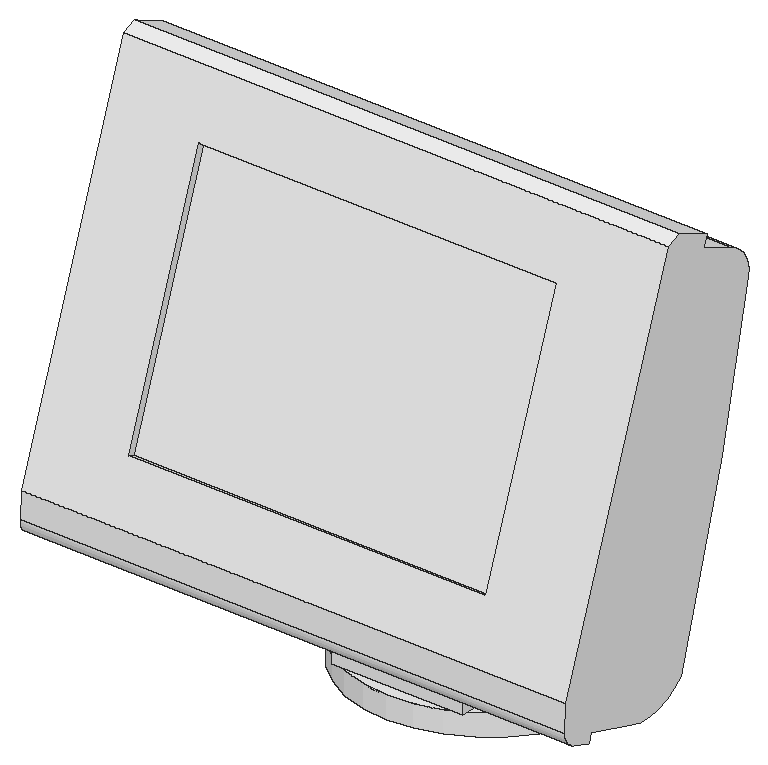
Revit family "Lighting-Flood-Acclaim-Dyna Flood QA QW", category Lighting Fixtures, host Face, Revit 2014
Parameters
  Wattage = 9.2903 W
  built-in parameter 1150110 = 1 (stored number, unit not read)
  Voltage = 0 V
  URL = "http://www.acclaimlighting.com/"
  built-in parameter 1114217 = 1 (stored number, unit not read)
  Tilt Angle = -90.00°
  built-in parameter 1150109 = 1 (stored number, unit not read)
  built-in parameter 1150134 = 3
  built-in parameter 1150113 = 1 (stored number, unit not read)
  Power Factor = 1
  Photometric Web File = "generic"
  Number of Poles = 1
  built-in parameter 1150142 = (empty or 0)
  Model = "Dyna Flood QA QW"
  Manufacturer = "Acclaim Lighting"
  built-in parameter 1150105 = 109.82 (stored number, unit not read)
  Lumens = 1380 lm
  built-in parameter 1150115 = 1 (stored number, unit not read)
  built-in parameter 1150137 = (empty or 0)
  built-in parameter 1150139 = (empty or 0)
  built-in parameter 1150112 = 1 (stored number, unit not read)
  built-in parameter 1150114 = 1 (stored number, unit not read)
  Lamp = "LED"
  built-in parameter 1150132 = (empty or 0)
  built-in parameter 1150102 = (empty or 0)
  built-in parameter 1150107 = 3200 (stored number, unit not read)
  built-in parameter 1150138 = (empty or 0)
  built-in parameter 1150106 = 1.0982 (stored number, unit not read)
  Housing Finish = Aluminum
  Emit from Rectangle Width = 0' - 6"
  Emit from Rectangle Length = 0' - 4 1/2"
  Emit Shape Visible in Rendering = no
  built-in parameter 1150104 = 13.8 (stored number, unit not read)
  Dimming Lamp Color Temperature Shift = <None>
  Description = "Flood Light"
  Default Elevation = 4' - 0"
  Color Filter = 16777215
  built-in parameter 1114218 = 1 (stored number, unit not read)
  built-in parameter 1150133 = 10 (stored number, unit not read)
  Apparent Load = 0 VA
Reference planes (in)
  plane 1 "Center (Front/Back)": y = 0
  plane 2: z = 0
  plane 3 "Center (Left/Right)": x = 0
  plane 4: x = -19.69922
  plane 5: x = 19.69922
  plane 6: x = 0
  plane 7: z = 6.45
  plane 8: z = 9
Forms (in)
  Extrusion 1, solid, material "Aluminum" <- "Housing Finish"
    sketch origin (0, -0.80665, -0.30687) x (0, 0.939693, -0.34202) y (0, 0.34202, 0.939693)
      loop
        line (-0.74685, 5.63101) -> (-1.06542, 8.1186)
        arc (-1.06542, 8.1186) -> (-1.22994, 8.51578) -> (-1.62712, 8.68031) r 0.56171
        line (-1.62712, 8.68031) -> (-2.27598, 8.72568) -> (-2.27598, 8.91614) -> (-2.94182, 8.9627) -> (-3.116, 8.78852) -> (-3.116, 2.215) -> (-2.98217, 1.77728)
        arc (-2.98217, 1.77728) -> (-2.88309, 1.6409) -> (-2.72105, 1.59444) r 0.25889
        line (-2.72105, 1.59444) -> (-2.37287, 1.59444) -> (-2.37287, 1.75326) -> (-1.43993, 1.80215)
        arc (-1.43993, 1.80215) -> (-0.89457, 1.99147) -> (-0.53466, 2.44284) r 1.03809
        line (-0.53466, 2.44284) -> (-0.74685, 5.63101)
    from -4.72527 to 4.80259
  Extrusion 2, solid, material "Aluminum" <- "Housing Finish"
    sketch origin (0, 0.03125, -0.625) x (0, 1, 0) y (0, 0, 1)
      loop
        circle (0, 2.81585) r 0.88979
    from -0.52258 to 0.48812
  Extrusion 3, solid, material "Aluminum" <- "Housing Finish"
    sketch origin (0, 0, 0.17188) x (0, 1, 0) y (0, 0, 1)
      loop
        line (0.35125, 2.15318) -> (0.04092, 2.06696) -> (-0.68417, 0.58029) -> (-0.68417, 0.21154) -> (2.15623, 0.21154) -> (2.15623, 0.58029) -> (-0.4159, 0.58029) -> (0.35125, 2.15318)
    from -1.13264 to 1.15281
  Extrusion 4, void
    sketch origin (0, -0.80665, -0.30687) x (1, 0, 0) y (0, 0.34202, 0.939693)
      loop
        line (-3.12618, 7.7285) -> (-3.12618, 3.2285) -> (3.12382, 3.2285) -> (3.12382, 7.7285) -> (-3.12618, 7.7285)
    from 3.00553 to 3.116
  Extrusion 5, solid, material "Aluminum" <- "Housing Finish"
    sketch origin (0, 0, 0) x (1, 0, 0) y (0, 1, 0)
      loop
        circle (0, 1.34865) r 2.25
    from 0 to 0.38342
  Extrusion 6, solid, material "Aluminum" <- "Housing Finish"
    sketch origin (0, 0, 0) x (0, 1, 0) y (0, 0, 1)
      loop
        line (0.88994, 7.33614) -> (-0.14836, 3.29144) -> (1.45564, 3.29144)
        arc (1.45564, 3.29144) -> (1.86388, 3.33435) -> (2.10516, 3.66644) r 0.50461
        line (2.10516, 3.66644) -> (2.65159, 6.23717)
        arc (2.65159, 6.23717) -> (2.53335, 6.61217) -> (2.2214, 6.85153) r 0.65379
        line (2.2214, 6.85153) -> (0.88994, 7.33614)
    from -1.94844 to 1.83219
Cuts and joins
  Extrusion 4 cuts Extrusion 1
  Extrusion 4 cuts Extrusion 2
Dimensions and locks (in)
  equal spacing: plane 4, plane 3 "Center (Left/Right)", plane 5
  plane 4 to plane 5 = 3' - 3 51/128"
  equal spacing: plane 5, plane 3 "Center (Left/Right)", plane 4
  plane 5 to plane 4 = 3' - 3 51/128"
  aligned and locked: plane 2 to host face
  aligned and locked: level to host face
  aligned and locked: Extrusion 1 to Extrusion 4
  aligned and locked: Extrusion 5 to Extrusion 3
Automatic sketch dimensions
  host sketch curve to host sketch curve = 8' - 0"  (x2)
  plane 1 "Center (Front/Back)" to Extrusion 3 sketch curve = 0' - 0.68417"
  Extrusion 3 sketch curve to Extrusion 3 sketch curve = 0' - 0.26828"
  Extrusion 3 sketch curve to plane 1 "Center (Front/Back)" = 0' - 0.04092"
  Extrusion 3 sketch curve to Extrusion 3 sketch curve = 0' - 0.31033"
  level to Extrusion 3 sketch curve = 0' - 0.75217"
  Extrusion 3 sketch curve to plane 1 "Center (Front/Back)" = 0' - 2 5/32"
  level to Extrusion 3 sketch curve = 0' - 0.38342"
  Extrusion 3 sketch curve to Extrusion 3 sketch curve = 0' - 0"
  Extrusion 3 sketch curve to Extrusion 3 sketch curve = 0' - 1.48667"
  Extrusion 3 sketch curve to Extrusion 3 sketch curve = 0' - 0.08622"
  Extrusion 4 sketch curve to plane 3 "Center (Left/Right)" = 0' - 3.12618"
  plane 3 "Center (Left/Right)" to Extrusion 4 sketch curve = 0' - 3.12382"
  Extrusion 4 sketch curve to Extrusion 4 sketch curve = 0' - 4 1/2"
  Extrusion 5 sketch curve to plane 3 "Center (Left/Right)" = 0' - 0"
  Extrusion 5 sketch curve to plane 1 "Center (Front/Back)" = 0' - 1.34865"
  level to Extrusion 1 sketch curve = 0' - 2.84028"
  plane 1 "Center (Front/Back)" to Extrusion 1 sketch curve = 0' - 2.97715"
  Extrusion 1 sketch curve to Extrusion 1 sketch curve = 0' - 0.13382"
  Extrusion 1 sketch curve to Extrusion 1 sketch curve = 0' - 0.17417"  (x2)
  Extrusion 1 sketch curve to Extrusion 1 sketch curve = 0' - 0.24758"
  Extrusion 1 sketch curve to Extrusion 1 sketch curve = 0' - 0.01355"
  Extrusion 1 sketch curve to Extrusion 1 sketch curve = 0' - 0.34818"
  Extrusion 1 sketch curve to Extrusion 1 sketch curve = 0' - 0.66584"
  Extrusion 1 sketch curve to Extrusion 1 sketch curve = 0' - 0.64886"
  Extrusion 1 sketch curve to Extrusion 1 sketch curve = 0' - 0.87861"
  Extrusion 1 sketch curve to Extrusion 1 sketch curve = 0' - 0.93293"
  Extrusion 1 sketch curve to Extrusion 1 sketch curve = 0' - 0.56171"
  Extrusion 1 sketch curve to Extrusion 1 sketch curve = 0' - 0.31857"
  Extrusion 1 sketch curve to Extrusion 1 sketch curve = 0' - 0.9596"
  Extrusion 1 sketch curve to Extrusion 1 sketch curve = 0' - 0.36203"
  Extrusion 1 sketch curve to Extrusion 1 sketch curve = 0' - 0.05082"
  Extrusion 1 sketch curve to Extrusion 1 sketch curve = 0' - 0.07569"
  Extrusion 1 sketch curve to Extrusion 1 sketch curve = 0' - 0.15882"
  Extrusion 1 sketch curve to Extrusion 1 sketch curve = 0' - 0.64069"
  Extrusion 1 sketch curve to Extrusion 1 sketch curve = 0' - 2.79219"
  Extrusion 1 sketch curve to Extrusion 1 sketch curve = 0' - 2.48758"
  Extrusion 1 sketch curve to Extrusion 1 sketch curve = 0' - 0.04537"
  Extrusion 1 sketch curve to Extrusion 1 sketch curve = 0' - 0.06285"
  Extrusion 1 sketch curve to Extrusion 1 sketch curve = 0' - 0.19046"
  Extrusion 2 sketch curve to plane 1 "Center (Front/Back)" = 0' - 0 1/32"
  level to Extrusion 2 sketch curve = 0' - 2.19085"
  Extrusion 6 sketch curve to plane 1 "Center (Front/Back)" = 0' - 1.45564"
  Extrusion 6 sketch curve to Extrusion 6 sketch curve = 0' - 0.15593"
  Extrusion 6 sketch curve to plane 7 = 0' - 0.21283"
  Extrusion 6 sketch curve to plane 1 "Center (Front/Back)" = 0' - 1.99779"
  Extrusion 6 sketch curve to Extrusion 6 sketch curve = 0' - 0.49359"
  plane 7 to Extrusion 6 sketch curve = 0' - 0.40153"
  Extrusion 6 sketch curve to Extrusion 6 sketch curve = 0' - 0.22361"
  Extrusion 6 sketch curve to Extrusion 6 sketch curve = 0' - 2.46581"
  Extrusion 6 sketch curve to Extrusion 6 sketch curve = 0' - 0.10491"
  Extrusion 6 sketch curve to plane 1 "Center (Front/Back)" = 0' - 0.88994"
  plane 1 "Center (Front/Back)" to Extrusion 6 sketch curve = 0' - 0.14836"
  plane 7 to Extrusion 6 sketch curve = 0' - 0.88614"
  radius of Extrusion 5 sketch curve = 0' - 2 1/4"
  radius of Extrusion 2 sketch curve = 0' - 0.88979"
